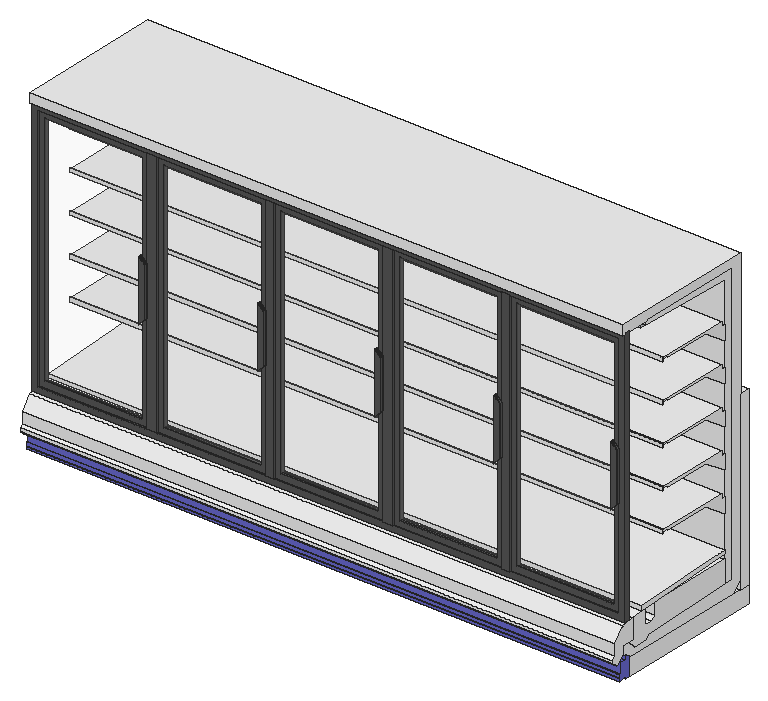
Revit family
Parameters (values of type "RL-5 Door Innov., Innov. II & III")
  Width = 150 3/8"
  Voltage - Electric Defrost [instance] = 208 V
  Voltage [instance] = 120 V
  URL = "www.hussmann.com"
  Type Comments = "LT Reach-In Merchandiser"
  Temp Sensor [instance] = "Low Voltage"
  Telephone = no
  System Control [instance] = "1.00 A"
  Standard Right End Cap On/Off [instance] = no
  Standard Left End Cap On/Off [instance] = no
  Revit Family Dates = "4/12/12PMA(0212)"
  Refrigerant Suction Connection Diameter [instance] = 7/8"
  Refrigerant Liquid Connection Diameter [instance] = 3/8"
  Refrig. Suction [instance] = "Suction"
  Refrig. Liquid [instance] = "Liquid"
  R.I. RH Doors YES/NO [instance] = no
  R.I. LH Doors YES/NO [instance] = yes
  R.I. - RH Door Swing YES/NO [instance] = no
  R.I. - LH Door Swing YES/NO [instance] = yes
  Phase [instance] = 1
  Number of Shelves = 0
  Model = "RL-5"
  Mirrored Right End Cap On/Off [instance] = no
  Mirrored Left End Cap On/Off [instance] = no
  Manufacturer = "Hussmann Corporation"
  MCA (Min Circ Amp) [instance] = 8.6 A
  Linear Shelf Length = 0"
  Height = 82 3/8"
  Front Height = 13"
  Frequency [instance] = 60 Hz
  Finish_Trim [instance] = Stainless Steel 2
  Finish_Top [instance] = none
  Finish_Shelf [instance] = Stainless Steel
  Finish_Handle = Metal Black-Door
  Finish_Glass [instance] = Glass 2
  Finish_Frame = Metal Black-Door
  Finish_Door [instance] = Metal Black-Door
  Finish_Case [instance] = Stainless Steel
  Finish_Bumper [instance] = Metal Blue-trim
  Finish_Base [instance] = Stainless Steel
  Elect. Defrost Amps [instance] = "16.62 A"
  Elect. Def. Amps [instance] = 16.62 A
  EMS = no
  Drain Pipe Size = "1 1/4\""
  Drain Heaters [instance] = 2.57 A
  Description = "Low Temperature Reach-in(Food or Ice Cream)"
  Depth = 43 3/4"
  Data = "N/A"
  Copper-Suction [instance] = Copper
  Copper-Liquid [instance] = Copper
  Case Lights Amps [instance] = "0.90 A"
  Case Lights [instance] = 0.9 A
  Case Fans (MCA) [instance] = "8.60 A"
  Assembly Code = ""
  Accessories/Options = ""
Reference planes (in)
  plane 1 "Center (Front/Back)": y = 0
  plane 2: z = 0
  plane 3: y = -41.625
  plane 4: z = 13
  plane 5: z = 80
  plane 6: z = 82.375
  plane 7: y = -32
  plane 8: y = -43.75
  plane 9: y = -40.75
  plane 10: x = -77.30699
  plane 11: x = 76.06801
  plane 12: y = -40
  plane 13: y = -43.75
  plane 14: x = -0.61949
  plane 15: x = 71.06801
  plane 16: y = -32
  plane 17: y = -37
  plane 18: y = -34.625
  plane 19: x = -34.61949
  plane 20: y = -33.625
  plane 21: x = 33.38051
Forms (in)
  Extrusion 1, solid, material "Stainless Steel" <- "Finish_Case"
    sketch origin (-77.30699, 0, 0) x (0, 1, 0) y (0, 0, 1)
      loop
        line (-5, 4.26162) -> (-2.5, 6.76162) -> (-2.5, 82.375) -> (-40.75, 82.375) -> (-40.75, 80) -> (-5.5, 80) -> (-5.5, 7.93702) -> (-32.09633, 7.00826) -> (-33.05546, 6.04913) -> (-36.55546, 6.04913) -> (-38.5, 7.99367) -> (-40.75, 7.99367) -> (-40.75, 5.99367) -> (-37.75, 4.26162) -> (-5, 4.26162)
    from 0 to 153.375
  Extrusion 2, solid, material "Stainless Steel" <- "Finish_Case"
    sketch origin (-77.30699, 0, 0) x (0, 1, 0) y (0, 0, 1)
      loop
        line (-37.25, 13) -> (-40.75, 12.69379) -> (-43.04431, 9.41718) -> (-43.04431, 6.66718) -> (-43.75, 5.96149) -> (-43.75, 5.08872) -> (-42.58027, 4.2259) -> (-40.75, 5.99367) -> (-40.75, 7.99367) -> (-37.25, 7.99367) -> (-37.25, 13)
    from 0 to 153.375
  Extrusion 3, solid, material "Stainless Steel" <- "Finish_Case"
    sketch origin (-77.30699, 0, 0) x (0, 1, 0) y (0, 0, 1)
      loop
        line (-2.5, 4.26162) -> (0, 4.26162) -> (0, 49.76162) -> (-2.5, 49.76162) -> (-2.5, 4.26162)
    from 0 to 153.375
  Extrusion 4, solid, material "Stainless Steel" <- "Finish_Case"
    sketch origin (-77.30699, 0, 0) x (0, 1, 0) y (0, 0, 1)
      loop
        line (-5.5, 80) -> (-33, 80) -> (-33, 78.93638) -> (-7.75, 78.49564) -> (-7.75, 7.85845) -> (-5.5, 7.93702) -> (-5.5, 80)
    from 0 to 153.375
  Extrusion 5, solid, material "Stainless Steel" <- "Finish_Base"
    sketch origin (-77.30699, 0, 0) x (0, 1, 0) y (0, 0, 1)
      loop
        line (-36.55546, 6.04913) -> (-33.05546, 6.04913) -> (-32.09633, 7.00826) -> (-7.75, 7.85845) -> (-7.75, 13.65118) -> (-30.30697, 13.65118) -> (-30.30697, 10.65118)
        arc (-30.30697, 10.65118) -> (-30.59986, 9.94407) -> (-31.30697, 9.65118) r 1
        line (-31.30697, 9.65118) -> (-32.55697, 9.65118)
        arc (-32.55697, 9.65118) -> (-33.26408, 9.94407) -> (-33.55697, 10.65118) r 1
        line (-33.55697, 10.65118) -> (-33.55697, 13.52897) -> (-37.25, 13) -> (-37.25, 7.99367) -> (-38.5, 7.99367) -> (-36.55546, 6.04913)
    from 0 to 153.375
  Extrusion 6, solid, material "Stainless Steel" <- "Finish_Shelf"
    sketch origin (-77.30699, 0, 0) x (0, 1, 0) y (0, 0, 1)
      loop
        line (-7.75, 64.26162) -> (-7.75, 68.01162) -> (-8.5, 68.01162) -> (-8.5, 69.01162) -> (-27.5, 69.01162) -> (-27.5, 69.26162) -> (-27.75, 69.26162) -> (-27.75, 68.26162) -> (-27.5, 68.26162) -> (-27.5, 68.76162) -> (-26, 68.76162) -> (-26, 68.51162) -> (-13.81963, 68.51162) -> (-7.75, 64.26162)
      loop
        line (-7.75, 54.26162) -> (-7.75, 58.01162) -> (-8.5, 58.01162) -> (-8.5, 59.01162) -> (-27.5, 59.01162) -> (-27.5, 59.26162) -> (-27.75, 59.26162) -> (-27.75, 58.26162) -> (-27.5, 58.26162) -> (-27.5, 58.76162) -> (-26, 58.76162) -> (-26, 58.51162) -> (-13.81963, 58.51162) -> (-7.75, 54.26162)
      loop
        line (-7.75, 44.26162) -> (-7.75, 48.01162) -> (-8.5, 48.01162) -> (-8.5, 49.01162) -> (-27.5, 49.01162) -> (-27.5, 49.26162) -> (-27.75, 49.26162) -> (-27.75, 48.26162) -> (-27.5, 48.26162) -> (-27.5, 48.76162) -> (-26, 48.76162) -> (-26, 48.51162) -> (-13.81963, 48.51162) -> (-7.75, 44.26162)
      loop
        line (-7.75, 34.26162) -> (-7.75, 38.01162) -> (-8.5, 38.01162) -> (-8.5, 39.01162) -> (-27.5, 39.01162) -> (-27.5, 39.26162) -> (-27.75, 39.26162) -> (-27.75, 38.26162) -> (-27.5, 38.26162) -> (-27.5, 38.76162) -> (-26, 38.76162) -> (-26, 38.51162) -> (-13.81963, 38.51162) -> (-7.75, 34.26162)
      loop
        line (-7.75, 24.26162) -> (-7.75, 28.01162) -> (-8.5, 28.01162) -> (-8.5, 29.01162) -> (-27.5, 29.01162) -> (-27.5, 29.26162) -> (-27.75, 29.26162) -> (-27.75, 28.26162) -> (-27.5, 28.26162) -> (-27.5, 28.76162) -> (-26, 28.76162) -> (-26, 28.51162) -> (-13.81963, 28.51162) -> (-7.75, 24.26162)
      loop
        line (-34.54319, 13.47728) -> (-7.75, 14.88146) -> (-7.75, 15.88283) -> (-34.54319, 14.47866) -> (-34.54319, 13.47728)
    from 0 to 153.375
  Extrusion 7, solid, material "Stainless Steel"
    sketch origin (-75.80699, 0, 0) x (0, 1, 0) y (0, 0, 1)
      loop
        line (0, 4.26162) -> (-38.66016, 4.26162) -> (-38.66016, 0) -> (0, 0) -> (0, 4.26162)
    from 0 to -1.5
  Extrusion 8, solid, material "Stainless Steel"
    sketch origin (74.56801, 0, 0) x (0, 1, 0) y (0, 0, 1)
      loop
        line (0, 4.26162) -> (-38.66016, 4.26162) -> (-38.66016, 0) -> (0, 0) -> (0, 4.26162)
    from 0 to 1.5
  Extrusion 9, solid, material "Metal Blue-trim"
    sketch origin (-80.30699, 0, 0) x (0, 1, 0) y (0, 0, 1)
      loop
        line (-38.66016, 4.7871) -> (-39.66016, 5.36445) -> (-39.66016, 4.26162) -> (-41.375, 4.55297) -> (-41.375, 1.75) -> (-41.625, 1.75) -> (-41.625, 1) -> (-41.375, 1) -> (-41.375, 0.75) -> (-41.625, 0.75) -> (-41.625, 0.19004) -> (-39.66016, 0.52548) -> (-39.66016, 0) -> (-38.66016, 0) -> (-38.66016, 4.7871)
    from 3 to 156.375
  Extrusion 10, solid, material "Stainless Steel"
    sketch origin (-80.30699, 0, 0) x (0, 1, 0) y (0, 0, 1)
      loop
        line (-32, 1.76162) -> (0, 1.76162) -> (0, 4.26162) -> (-32, 4.26162) -> (-32, 1.76162)
    from 4.5 to 154.875
  Extrusion 11, solid, material "Stainless Steel"
    sketch origin (-75.80699, 0, 0) x (0, 1, 0) y (0, 0, 1)
      loop
        line (-0.5532, 1.76162) -> (-2.8032, 1.76162) -> (-2.8032, 0) -> (-0.5532, 0) -> (-0.5532, 1.76162)
      loop
        line (-31.4468, 1.76162) -> (-31.4468, 0) -> (-29.1968, 0) -> (-29.1968, 1.76162) -> (-31.4468, 1.76162)
    from 0 to 150.375
  Extrusion 12, solid
    sketch origin (-75.80699, 0, 0) x (0, 1, 0) y (0, 0, 1)
      loop
        line (-33, 78.93638) -> (-33, 77.93638) -> (-30, 77.93638) -> (-30, 78.88401) -> (-33, 78.93638)
    from 0 to 150.375
  Extrusion 13, solid, material "Glass 2"
    sketch origin (0, 5, 0) x (1, 0, 0) y (0, 1, 0)
      loop
        circle (71.06801, -42) r 0.375
      loop
        circle (71.06801, -42) r 0.36687
      loop
        circle (70.06801, -42) r 0.375
      loop
        circle (70.06801, -42) r 0.36687
      loop
        circle (69.06801, -42) r 0.375
      loop
        circle (69.06801, -42) r 0.36687
      loop
        circle (68.06801, -42) r 0.375
      loop
        circle (68.06801, -42) r 0.36687
      loop
        circle (67.06801, -42) r 0.375
      loop
        circle (67.06801, -42) r 0.36687
    from 4.26162 to 3.51473
  Extrusion 14, solid, material "Glass 2"
    sketch origin (0, 0, 0) x (1, 0, 0) y (0, 1, 0)
      loop
        circle (-0.61949, -34.54319) r 0.625
      loop
        circle (-0.61949, -34.54319) r 0.5852
    from 6.42413 to 3.51473
  Extrusion 15, solid, material "Copper" <- "Copper-Suction"
    sketch origin (62.43999, 0, -0.375) x (1, 0, 0) y (0, 1, 0)
      loop
        circle (8.62802, -33) r 0.4375
      loop
        circle (8.62802, -33) r 0.41359
    from 4.26162 to 3.64579
  Extrusion 16, solid, material "Copper" <- "Copper-Liquid"
    sketch origin (62.43999, 0, -0.375) x (1, 0, 0) y (0, 1, 0)
      loop
        circle (7.05443, -33) r 0.1875
      loop
        circle (7.05443, -33) r 0.17284
    from 4.26162 to 3.64579
Lines and regions (in)
  symbolic lines
    curve 1: line (-77.30699, -43.75, 0) -> (-77.30699, 0, 0)
    curve 2: line (76.06801, 0, 0) -> (-77.30699, 0, 0)
    curve 3: line (76.06801, 0, 0) -> (76.06801, -43.75, 0)
    curve 4: line (-77.30699, -43.75, 0) -> (76.06801, -43.75, 0)
Dimensions and locks (in)
  plane 1 "Center (Front/Back)" to plane 3 = 41 5/8"
  "Depth": plane 1 "Center (Front/Back)" to plane 8
  plane 3 to plane 1 "Center (Front/Back)" = 41 5/8"
  plane 6 to level = 82 3/8"
  "Height": level to plane 6
  locked: plane 10 to plane 11 at 153.375
  locked: Extrusion 3 to plane 13 at 43.75
  plane 11 to plane 10 = 153 3/8"
Automatic sketch dimensions
  Extrusion 1 sketch curve to plane 9 = 0"  (x2)
  Extrusion 1 sketch curve to plane 5 = 0"
  Extrusion 1 sketch curve to plane 6 = 0"
  Extrusion 1 sketch curve to Extrusion 1 sketch curve = 1.19454"
  plane 7 to Extrusion 1 sketch curve = 1.05546"
  plane 7 to Extrusion 1 sketch curve = 0.09633"
  plane 1 "Center (Front/Back)" to Extrusion 1 sketch curve = 5 1/2"
  Extrusion 1 sketch curve to Extrusion 1 sketch curve = 1/2"
  plane 1 "Center (Front/Back)" to Extrusion 1 sketch curve = 2 1/2"
  plane 4 to Extrusion 1 sketch curve = 5.00633"
  plane 4 to Extrusion 1 sketch curve = 5.06298"
  plane 4 to Extrusion 1 sketch curve = 5.99174"
  Extrusion 1 sketch curve to Extrusion 1 sketch curve = 1.1754"
  Extrusion 1 sketch curve to Extrusion 1 sketch curve = 1.94454"
  Extrusion 1 sketch curve to Extrusion 1 sketch curve = 2"
  Extrusion 1 sketch curve to Extrusion 1 sketch curve = 2 1/2"
  Extrusion 2 sketch curve to plane 8 = 0"
  Extrusion 2 sketch curve to plane 9 = 0"  (x2)
  Extrusion 2 sketch curve to plane 4 = 0"
  Extrusion 2 sketch curve to plane 8 = 0.70569"
  plane 3 to Extrusion 2 sketch curve = 0.95527"
  plane 4 to Extrusion 2 sketch curve = 0.30621"
  plane 4 to Extrusion 2 sketch curve = 3.58282"
  Extrusion 2 sketch curve to Extrusion 2 sketch curve = 1.42351"
  Extrusion 2 sketch curve to Extrusion 2 sketch curve = 1.32649"
  Extrusion 2 sketch curve to Extrusion 2 sketch curve = 2"
  Extrusion 2 sketch curve to Extrusion 2 sketch curve = 0.70569"
  Extrusion 2 sketch curve to Extrusion 2 sketch curve = 0.87277"
  Extrusion 2 sketch curve to Extrusion 2 sketch curve = 0.86282"
  Extrusion 3 sketch curve to plane 1 "Center (Front/Back)" = 0"
  plane 1 "Center (Front/Back)" to Extrusion 3 sketch curve = 2 1/2"
  level to Extrusion 3 sketch curve = 4.26162"
  plane 5 to Extrusion 3 sketch curve = 30.23838"
  Extrusion 4 sketch curve to plane 5 = 0"
  plane 7 to Extrusion 4 sketch curve = 1"
  plane 1 "Center (Front/Back)" to Extrusion 4 sketch curve = 7 3/4"
  Extrusion 4 sketch curve to Extrusion 4 sketch curve = 2 1/4"
  Extrusion 4 sketch curve to Extrusion 4 sketch curve = 1.06362"
  plane 5 to Extrusion 4 sketch curve = 1.50436"
  plane 4 to Extrusion 4 sketch curve = 5.06298"
  Extrusion 4 sketch curve to Extrusion 4 sketch curve = 0.07857"
  Extrusion 5 sketch curve to plane 4 = 0"
  Extrusion 5 sketch curve to Extrusion 5 sketch curve = 0.69454"
  plane 7 to Extrusion 5 sketch curve = 1.55697"
  plane 7 to Extrusion 5 sketch curve = 1.05546"
  plane 7 to Extrusion 5 sketch curve = 0.55697"
  plane 7 to Extrusion 5 sketch curve = 0.09633"
  Extrusion 5 sketch curve to plane 7 = 0.69303"
  Extrusion 5 sketch curve to Extrusion 5 sketch curve = 1"
  Extrusion 5 sketch curve to plane 4 = 0.65118"
  plane 1 "Center (Front/Back)" to Extrusion 5 sketch curve = 7 3/4"
  plane 4 to Extrusion 5 sketch curve = 2.34882"
  plane 4 to Extrusion 5 sketch curve = 5.00633"
  plane 4 to Extrusion 5 sketch curve = 5.14155"
  Extrusion 5 sketch curve to Extrusion 5 sketch curve = 2.64293"
  Extrusion 5 sketch curve to Extrusion 5 sketch curve = 1.94454"
  Extrusion 5 sketch curve to plane 4 = 0.52897"
  Extrusion 6 sketch curve to plane 4 = 0.47728"
  plane 7 to Extrusion 6 sketch curve = 2.54319"
  Extrusion 6 sketch curve to plane 7 = 4 1/4"  (x5)
  Extrusion 6 sketch curve to Extrusion 6 sketch curve = 1/4"  (x17)
  Extrusion 6 sketch curve to Extrusion 6 sketch curve = 0"  (x6)
  Extrusion 6 sketch curve to Extrusion 6 sketch curve = 1 1/2"  (x5)
  Extrusion 6 sketch curve to Extrusion 6 sketch curve = 12.18037"
  Extrusion 6 sketch curve to Extrusion 6 sketch curve = 5.31963"  (x5)
  Extrusion 6 sketch curve to Extrusion 6 sketch curve = 3/4"  (x5)
  Extrusion 6 sketch curve to plane 4 = 1.88146"
  plane 1 "Center (Front/Back)" to Extrusion 6 sketch curve = 7 3/4"
  Extrusion 6 sketch curve to Extrusion 6 sketch curve = 1.00137"  (x2)
  Extrusion 6 sketch curve to Extrusion 6 sketch curve = 8.37879"
  Extrusion 6 sketch curve to Extrusion 6 sketch curve = 3 3/4"  (x5)
  Extrusion 6 sketch curve to plane 4 = 15.26162"
  Extrusion 6 sketch curve to Extrusion 6 sketch curve = 1/2"  (x8)
  Extrusion 6 sketch curve to Extrusion 6 sketch curve = 5 1/4"  (x4)
  Extrusion 6 sketch curve to Extrusion 6 sketch curve = 9"  (x4)
  Extrusion 6 sketch curve to Extrusion 6 sketch curve = 1"  (x3)
  curve 1 to plane 10 = 0"
  curve 3 to plane 11 = 0"
  curve 2 to plane 1 "Center (Front/Back)" = 0"
  Extrusion 9 sketch curve to plane 3 = 0"  (x2)
  Extrusion 9 sketch curve to level = 0"
  Extrusion 9 sketch curve to plane 3 = 1/4"  (x2)
  plane 12 to Extrusion 9 sketch curve = 87/256"  (x2)
  level to Extrusion 9 sketch curve = 0.19004"
  Extrusion 9 sketch curve to Extrusion 9 sketch curve = 0.52548"  (x2)
  Extrusion 9 sketch curve to Extrusion 9 sketch curve = 0.55996"
  Extrusion 9 sketch curve to Extrusion 9 sketch curve = 1/4"
  Extrusion 9 sketch curve to Extrusion 9 sketch curve = 3/4"
  Extrusion 9 sketch curve to Extrusion 9 sketch curve = 2.51162"
  Extrusion 9 sketch curve to Extrusion 9 sketch curve = 0.29135"
  Extrusion 9 sketch curve to Extrusion 9 sketch curve = 1.10283"
  Extrusion 10 sketch curve to plane 7 = 0"
  Extrusion 10 sketch curve to plane 1 "Center (Front/Back)" = 0"
  level to Extrusion 10 sketch curve = 1.76162"
  Extrusion 10 sketch curve to Extrusion 10 sketch curve = 2 1/2"
  Extrusion 11 sketch curve to level = 0"  (x2)
  Extrusion 11 sketch curve to plane 7 = 0.5532"
  Extrusion 11 sketch curve to Extrusion 11 sketch curve = 2 1/4"
  plane 1 "Center (Front/Back)" to Extrusion 11 sketch curve = 2.8032"
  plane 1 "Center (Front/Back)" to Extrusion 11 sketch curve = 0.5532"
  Extrusion 11 sketch curve to Extrusion 11 sketch curve = 1.76162"  (x2)
  curve 4 to plane 8 = 0"
  Extrusion 7 sketch curve to level = 0"
  Extrusion 7 sketch curve to plane 1 "Center (Front/Back)" = 0"
  Extrusion 7 sketch curve to Extrusion 7 sketch curve = 4.26162"
  Extrusion 8 sketch curve to level = 0"
  Extrusion 8 sketch curve to plane 1 "Center (Front/Back)" = 0"
  level to Extrusion 8 sketch curve = 4.26162"
  plane 7 to Extrusion 12 sketch curve = 1"
  Extrusion 12 sketch curve to plane 7 = 2"
  plane 5 to Extrusion 12 sketch curve = 2.06362"
  Extrusion 12 sketch curve to Extrusion 12 sketch curve = 0.94763"
  Extrusion 12 sketch curve to Extrusion 12 sketch curve = 1"
  Extrusion 13 sketch curve to Extrusion 13 sketch curve = 0"  (x10)
  Extrusion 13 sketch curve to plane 17 = 0"  (x5)
  Extrusion 13 sketch curve to plane 15 = 0"
  Extrusion 13 sketch curve to Extrusion 13 sketch curve = 1"  (x4)
  Extrusion 14 sketch curve to Extrusion 14 sketch curve = 0"  (x2)
  Extrusion 14 sketch curve to plane 14 = 0"
  plane 18 to Extrusion 14 sketch curve = 0.08181"
  Extrusion 15 sketch curve to Extrusion 15 sketch curve = 0"  (x2)
  plane 7 to Extrusion 15 sketch curve = 1"
  plane 14 to Extrusion 15 sketch curve = 71 11/16"
  Extrusion 16 sketch curve to Extrusion 16 sketch curve = 0"  (x2)
  plane 7 to Extrusion 16 sketch curve = 1"
  plane 14 to Extrusion 16 sketch curve = 70.11391"
  plane 12 to Extrusion 1 sketch curve = 1 1/2"
  Extrusion 1 sketch curve to plane 17 = 3/4"
  Extrusion 2 sketch curve to plane 17 = 1/4"
  plane 17 to Extrusion 5 sketch curve = 0.44454"
  Extrusion 5 sketch curve to Extrusion 5 sketch curve = 1 1/4"
  plane 12 to Extrusion 7 sketch curve = 1 87/256"
  plane 12 to Extrusion 8 sketch curve = 1 87/256"
  Extrusion 9 sketch curve to Extrusion 9 sketch curve = 1"
  radius of Extrusion 13 sketch curve = 3/8"  (x5)
  radius of Extrusion 13 sketch curve = 0.36687"  (x5)
  radius of Extrusion 14 sketch curve = 5/8"
  radius of Extrusion 14 sketch curve = 0.5852"
  radius of Extrusion 15 sketch curve = 7/16"
  radius of Extrusion 15 sketch curve = 0.41359"
  radius of Extrusion 16 sketch curve = 3/16"
  radius of Extrusion 16 sketch curve = 0.17284"
Nested families (in)
  nested 1: "Label Annotation 3-32" at (-0.61949, -8.1875, -0.375), type "Label Annotation 3-32"
  nested 2: "RL-INNOVATORII_END PANEL" at (-75.1875, 0, 0), visible <- "Standard Left End Cap On/Off", type "RL-End Panel Mirrored"
    with Serial Number "N/A", Remarks "N/A", Received By "N/A", Furnished By "N/A", Finish_Trim Stainless Steel 2, Finish_Top none, Finish_Shelf Stainless Steel, Finish_Glass Glass 2, Finish_Door Metal Black-Door, Finish_Case Stainless Steel, Finish_Bumper Metal Blue-trim, Finish_Base Stainless Steel, Final Hookup By "N/A", Assembled By "N/A"
  nested 3: "RL-INNOVATORII_END PANEL" at (79.6875, 0, 0), visible <- "Standard Right End Cap On/Off", type "RL-End Panel Mirrored"
    with Serial Number "N/A", Remarks "N/A", Received By "N/A", Furnished By "N/A", Finish_Trim Stainless Steel 2, Finish_Top none, Finish_Shelf Stainless Steel, Finish_Glass Glass 2, Finish_Door Metal Black-Door, Finish_Case Stainless Steel, Finish_Bumper Metal Blue-trim, Finish_Base Stainless Steel, Final Hookup By "N/A", Assembled By "N/A"
  nested 4: "RL-INNOVATORII_END CAP MIRRORED" at (-75.1875, 0, 0), visible <- "Mirrored Left End Cap On/Off", type "RL-End Panel Mirrored"
    with Serial Number "N/A", Remarks "N/A", Received By "N/A", Furnished By "N/A", Finish_Trim Stainless Steel 2, Finish_Top none, Finish_Shelf Stainless Steel, Finish_Glass Glass 2, Finish_Door Metal Black-Door, Finish_Case Stainless Steel, Finish_Bumper Metal Blue-trim, Finish_Base Stainless Steel, Final Hookup By "N/A", Assembled By "N/A"
  nested 5: "RL-INNOVATORII_END CAP MIRRORED" at (79.6875, 0, 0), visible <- "Mirrored Right End Cap On/Off", type "RL-End Panel Mirrored"
    with Serial Number "N/A", Remarks "N/A", Received By "N/A", Furnished By "N/A", Finish_Trim Stainless Steel 2, Finish_Top none, Finish_Shelf Stainless Steel, Finish_Glass Glass 2, Finish_Door Metal Black-Door, Finish_Case Stainless Steel, Finish_Bumper Metal Blue-trim, Finish_Base Stainless Steel, Final Hookup By "N/A", Assembled By "N/A"
  nested 6: "Case Nodes" at (-34.61949, -41.625, 0), type "Case Nodes"
  nested 7: "Case Nodes" at (71.06801, -33, 0), type "Case Nodes"
  nested 8: "Case Nodes" at (71.0667, -36.99947, 0), type "Case Nodes"
  nested 9: "Case Nodes" at (-34.61949, -33.625, 0), type "Case Nodes"
  nested 10: "Case Nodes" at (33.38051, -41.625, 0) x (-1, 0, 0) z (0, 0, 1), type "Case Nodes"
  nested 11: "Case Nodes" at (33.38051, -33.625, 0) x (-1, 0, 0) z (0, 0, 1), type "Case Nodes"
  nested 12: "RL_5DR-LH" at (0, 0, 0), visible <- "R.I. LH Doors YES/NO", type "RL_5DR-LH"
    with Finish_Glass Glass 2, Finish_Door Metal Black-Door
  nested 13: "RL_5DR-RH" at (0, 0, 0), visible <- "R.I. RH Doors YES/NO", type "RL_5DR-RH"
    with Finish_Glass Glass 2, Finish_Door Metal Black-Door
  nested 14: "RL_5DR-LHDS" at (0.75, -3.75, 0), visible <- "R.I. - LH Door Swing YES/NO", type "RL_5DR-LHDS"
  nested 15: "RL_5DR-RHDS" at (-0.75, -3.75, 0), visible <- "R.I. - RH Door Swing YES/NO", type "RL_5DR-RHDS"
Connectors (in)
  electrical at (71.06801, -37, 3.51473), driven by "Phase", driven by "Voltage - Electric Defrost", driven by "Elect. Defrost Amps"
    settings: on Extrusion 13, index 3, voltage 208 V, apparent load 0 VA, apparent load phase1 0 VA, apparent load phase2 0 VA, apparent load phase3 0 VA, power factor 1, load classification "Power", number of poles 1, system type 30, power factor state 1, is connector primary yes, connector utility no, sub classification motor no, connector description "16.62 A"
  electrical at (70.06801, -37, 3.51473), driven by "Phase", driven by "Voltage", driven by "Case Fans (MCA)"
    settings: on Extrusion 13, index 4, voltage 120 V, apparent load 0 VA, apparent load phase1 0 VA, apparent load phase2 0 VA, apparent load phase3 0 VA, power factor 1, load classification "Power", number of poles 1, system type 30, power factor state 1, is connector primary no, connector utility no, sub classification motor no, connector description "8.60 A"
  electrical at (69.06801, -37, 3.51473), driven by "Phase", driven by "Voltage", driven by "Case Lights Amps"
    settings: on Extrusion 13, index 5, voltage 120 V, apparent load 0 VA, apparent load phase1 0 VA, apparent load phase2 0 VA, apparent load phase3 0 VA, power factor 1, load classification "Lighting", number of poles 1, system type 30, power factor state 1, is connector primary no, connector utility no, sub classification motor no, connector description "0.90 A"
  electrical at (68.06801, -37, 3.51473), driven by "System Control"
    settings: on Extrusion 13, index 6, voltage 0 V, apparent load 0 VA, apparent load phase1 0 VA, apparent load phase2 0 VA, apparent load phase3 0 VA, power factor 1, load classification "Other", number of poles 1, system type 13, power factor state 1, is connector primary no, connector utility no, sub classification motor no, connector description "1.00 A"
  electrical at (67.06801, -37, 3.51473), driven by "Temp Sensor"
    settings: on Extrusion 13, index 7, voltage 0 V, apparent load 0 VA, apparent load phase1 0 VA, apparent load phase2 0 VA, apparent load phase3 0 VA, power factor 1, load classification "Other", number of poles 1, system type 14, power factor state 1, is connector primary no, connector utility no, sub classification motor no, connector description "Low Voltage"
  piping at (-0.61949, -34.54319, 3.51473), driven by "Drain Pipe Size"
    settings: on Extrusion 14, index 8, connector radius 5/8", flow factor 0, pipe flow 0 GPM, pressure drop 0.00 psi, fitting loss kfactor 0, connector angle 0.00°, fixture units 0, flow configuration 0, flow direction 0, fitting loss method 0, system type 16, connector reference index -1, connector utility 0, adjustable connector no, is connector primary yes, fitting loss table "", connector description "1 1/4\""
  piping at (71.06801, -33, 3.27079), driven by "Refrig. Suction"
    settings: on Extrusion 15, index 9, connector radius 7/16", flow factor 0, pipe flow 0 GPM, pressure drop 0.00 psi, fitting loss kfactor 0, connector angle 0.00°, fixture units 0, flow configuration 0, flow direction 2, fitting loss method 0, system type 22, connector reference index -1, connector utility 0, adjustable connector no, is connector primary no, fitting loss table "", connector description "Suction"
  piping at (69.49442, -33, 3.27079), driven by "Refrig. Liquid"
    settings: on Extrusion 16, index 10, connector radius 3/16", flow factor 0, pipe flow 0 GPM, pressure drop 0.00 psi, fitting loss kfactor 0, connector angle 0.00°, fixture units 0, flow configuration 0, flow direction 1, fitting loss method 0, system type 22, connector reference index -1, connector utility 0, adjustable connector no, is connector primary no, fitting loss table "", connector description "Liquid"
Definition of nested family "RL-INNOVATORII_END PANEL"
  Parameters (values of type "RL-End Panel Mirrored")
    Width = 1 1/2"
    Watts = ""
    Volts = ""
    URL = "www.hussmann.com"
    Type Comments = "N/A"
    Telephone = no
    Serial Number [instance] = "N/A"
    Remarks [instance] = "N/A"
    Refrigerant Type = "N/A"
    Received By [instance] = "N/A"
    Prototype = no
    Power = "N/A"
    PO Template = no
    Number of Shelves = 0
    Model = "RL- Mirrored End Panel"
    Manufacturer = "Hussmann"
    Linear Shelf Length = 0"
    Item = "N/A"
    Install Date - Actual = "N/A"
    Install Data - Projected = "N/A"
    Hot Water = no
    Height = 82"
    HP = ""
    Gas Type = "N/A"
    Gas Pipe Size = "N/A"
    Furnished By [instance] = "N/A"
    Front Height = 0"
    Finish_Trim [instance] = Stainless Steel 2
    Finish_Top [instance] = none
    Finish_Shelf [instance] = Stainless Steel
    Finish_Handle = Metal Black-Door
    Finish_Glass [instance] = Glass 2
    Finish_Frame = Metal Black-Door
    Finish_Door [instance] = Metal Black-Door
    Finish_Case [instance] = Stainless Steel
    Finish_Bumper [instance] = Metal Blue-trim
    Finish_Base [instance] = Stainless Steel
    Final Hookup By [instance] = "N/A"
    Evap Temp = ""
    EMS = no
    Drain Pipe Size = "N/A"
    Divisional Use = "N/A"
    Description 2 = "Impact Merchandiser"
    Description = "Low Temperature Reach-in(Food or Ice Cream)"
    Depth = 43 3/4"
    Data = "N/A"
    Cold Water = no
    Class Code = "N/A"
    Category = "N/A"
    BTU Rating = "N/A"
    Assembly Code = "E1090320"
    Assembled By [instance] = "N/A"
    Amps = ""
    Accessories/Options = "N/A"
  Reference planes (in)
    plane 1 "Center (Front/Back)": y = 0
    plane 2: z = 0
    plane 3: y = -43.75
  Forms (in)
    Extrusion 1, solid, material "Stainless Steel" <- "Finish_Case"
      sketch origin (-3.61949, 0, 0) x (0, 1, 0) y (0, 0, 1)
        loop
          line (0, 82) -> (-40.75, 82) -> (-40.75, 12.69379) -> (-43.04431, 9.41718) -> (-43.04431, 6.66718) -> (-43.75, 5.96149) -> (-43.75, 4.2259) -> (-41.5625, 4.2259) -> (-41.5625, 0) -> (0, 0) -> (0, 82)
      from 0 to 1.5
  Lines and regions (in)
    symbolic lines
      curve 1: line (-3.61949, 0, 0) -> (-2.11949, 0, 0)
      curve 2: line (-3.61949, -43.75, 0) -> (-3.61949, 0, 0)
      curve 3: line (-2.11949, -43.75, 0) -> (-3.61949, -43.75, 0)
      curve 4: line (-2.11949, 0, 0) -> (-2.11949, -43.75, 0)
  Dimensions and locks (in)
    plane 3 to plane 1 "Center (Front/Back)" = 43 3/4"
    Extrusion 1 to Extrusion 1 = 1 1/2"
    locked: Extrusion 1 to Extrusion 1 at 1.5  (x2)
    locked: Extrusion 1 to level at 82
    locked: plane 1 "Center (Front/Back)" to plane 3 at 43.75
    aligned: curve 1 to Extrusion 1  (x2)
    aligned: curve 4 to Extrusion 1  (x2)
Definition of nested family "RL-INNOVATORII_END CAP MIRRORED"
  Parameters (values of type "RL-End Panel Mirrored")
    Width = 1 1/2"
    Watts = ""
    Volts = ""
    URL = "www.hussmann.com"
    Type Comments = "N/A"
    Telephone = no
    Serial Number [instance] = "N/A"
    Remarks [instance] = "N/A"
    Refrigerant Type = "N/A"
    Received By [instance] = "N/A"
    Prototype = no
    Power = "N/A"
    PO Template = no
    Number of Shelves = 0
    Model = "RL- Mirrored End Panel"
    Manufacturer = "Hussmann"
    Linear Shelf Length = 0"
    Item = "N/A"
    Install Date - Actual = "N/A"
    Install Data - Projected = "N/A"
    Hot Water = no
    Height = 82"
    HP = ""
    Gas Type = "N/A"
    Gas Pipe Size = "N/A"
    Furnished By [instance] = "N/A"
    Front Height = 0"
    Finish_Trim [instance] = Stainless Steel 2
    Finish_Top [instance] = none
    Finish_Shelf [instance] = Stainless Steel
    Finish_Handle = Metal Black-Door
    Finish_Glass [instance] = Glass 2
    Finish_Frame = Metal Black-Door
    Finish_Door [instance] = Metal Black-Door
    Finish_Case [instance] = Stainless Steel
    Finish_Bumper [instance] = Metal Blue-trim
    Finish_Base [instance] = Stainless Steel
    Final Hookup By [instance] = "N/A"
    Evap Temp = ""
    EMS = no
    Drain Pipe Size = "N/A"
    Divisional Use = "N/A"
    Description 2 = "Impact Merchandiser"
    Description = "Low Temperature Reach-in(Food or Ice Cream)"
    Depth = 43 3/4"
    Data = "N/A"
    Cold Water = no
    Class Code = "N/A"
    Category = "N/A"
    BTU Rating = "N/A"
    Assembly Code = "E1090320"
    Assembled By [instance] = "N/A"
    Amps = ""
    Accessories/Options = "N/A"
  Reference planes (in)
    plane 1 "Center (Front/Back)": y = 0
    plane 2: z = 0
    plane 3: y = -43.75
  Forms (in)
    Extrusion 1, solid, material "Stainless Steel" <- "Finish_Case"
      sketch origin (-3.61949, 0, 0) x (0, 1, 0) y (0, 0, 1)
        loop
          line (0, 82) -> (-40.75, 82) -> (-40.75, 12.69379) -> (-43.04431, 9.41718) -> (-43.04431, 6.66718) -> (-43.75, 5.96149) -> (-43.75, 4.2259) -> (-41.5625, 4.2259) -> (-41.5625, 0) -> (0, 0) -> (0, 82)
      from 0 to 1.5
  Lines and regions (in)
    symbolic lines
      curve 1: line (-3.61949, 0, 0) -> (-2.11949, 0, 0)
      curve 2: line (-3.61949, -43.75, 0) -> (-3.61949, 0, 0)
      curve 3: line (-2.11949, -43.75, 0) -> (-3.61949, -43.75, 0)
      curve 4: line (-2.11949, 0, 0) -> (-2.11949, -43.75, 0)
  Dimensions and locks (in)
    plane 3 to plane 1 "Center (Front/Back)" = 43 3/4"
    Extrusion 1 to Extrusion 1 = 1 1/2"
    locked: Extrusion 1 to Extrusion 1 at 1.5  (x2)
    locked: Extrusion 1 to level at 82
    locked: plane 1 "Center (Front/Back)" to plane 3 at 43.75
    aligned: curve 1 to Extrusion 1  (x2)
    aligned: curve 4 to Extrusion 1  (x2)
Definition of nested family "RL_5DR-LH"
  Parameters (values of type "RL_5DR-LH")
    URL = "www.hussmann.com"
    Type Comments = ""
    Revit Family Dates = "5/18/12PMA"
    Model = ""
    Manufacturer = "Hussmann Corporation"
    Finish_Handle = Metal Black-Door
    Finish_Glass [instance] = Glass 2
    Finish_Frame = Metal Black-Door
    Finish_Door [instance] = Metal Black-Door
    Description = "LH Reach-In Doors for RL-5 Merchandiser"
    Assembly Code = ""
    Accessories/Options = ""
  Reference planes (in)
    plane 1 "Center (Front/Back)": y = 0
    plane 2: z = 0
    plane 3: y = -41.625
    plane 4: z = 13
    plane 5: z = 80
    plane 6: z = 82.375
    plane 7: y = -32
    plane 8: y = -43.75
    plane 9: y = -40.75
    plane 10: x = -77.30699
    plane 11: x = 76.06801
    plane 12: y = -40
    plane 13: y = -39.25
    plane 14: y = -43.75
    plane 15: x = -0.61949
    plane 16: x = 71.06801
    plane 17: y = -32
    plane 18: y = -37
    plane 19: y = -34.625
    plane 20: x = -34.61949
    plane 21: y = -33.625
    plane 22: x = 33.38051
  Forms (in)
    Sweep 1, solid, material "Metal Black-Door" <- "Finish_Frame"
      path origin (0, 0, 0) x (1, 0, 0) y (0, 0, 1)
        loop
          line (-77.30699, 80) -> (-77.30699, 13) -> (76.06801, 13) -> (76.06801, 80) -> (-77.30699, 80)
      profile origin (-0.61949, 0, 80) x (0, 0, 1) y (0, -1, 0)
        loop
          line (0, 40) -> (-1.5, 40) -> (-1.5, 38.5) -> (0, 38.5) -> (0, 40)
    Extrusion 2, solid, material "Metal Black-Door" <- "Finish_Frame"
      sketch origin (-45.22199, 0, 0) x (0, 1, 0) y (0, 0, 1)
        loop
          line (-40, 78.5) -> (-40, 14.5) -> (-38.5, 14.5) -> (-38.5, 78.5) -> (-40, 78.5)
      from 0.19 to -2.31
    Extrusion 3, solid, material "Metal Black-Door" <- "Finish_Frame"
      sketch origin (-14.94699, 0, 0) x (0, 1, 0) y (0, 0, 1)
        loop
          line (-40, 78.5) -> (-40, 14.5) -> (-38.5, 14.5) -> (-38.5, 78.5) -> (-40, 78.5)
      from 0.19 to -1.81
    Extrusion 4, solid, material "Metal Black-Door" <- "Finish_Frame"
      sketch origin (15.82801, 0, 0) x (0, 1, 0) y (0, 0, 1)
        loop
          line (-40, 78.5) -> (-40, 14.5) -> (-38.5, 14.5) -> (-38.5, 78.5) -> (-40, 78.5)
      from 0.19 to -2.31
    Extrusion 5, solid, material "Metal Black-Door" <- "Finish_Frame"
      sketch origin (46.10301, 0, 0) x (0, 1, 0) y (0, 0, 1)
        loop
          line (-40, 78.5) -> (-40, 14.5) -> (-38.5, 14.5) -> (-38.5, 78.5) -> (-40, 78.5)
      from 0.19 to -1.81
    Extrusion 6, solid, material "Metal Black-Door" <- "Finish_Door"
      sketch origin (0, -40, 0) x (0, 0, 1) y (1, 0, 0)
        loop
          line (78.5, -75.80699) -> (78.5, -47.53199) -> (14.5, -47.53199) -> (14.5, -75.80699) -> (78.5, -75.80699)
        loop
          line (77, -74.30699) -> (77, -49.03199) -> (16, -49.03199) -> (16, -74.30699) -> (77, -74.30699)
        loop
          line (78.5, -16.75699) -> (14.5, -16.75699) -> (14.5, -45.03199) -> (78.5, -45.03199) -> (78.5, -16.75699)
        loop
          line (77, -18.25699) -> (16, -18.25699) -> (16, -43.53199) -> (77, -43.53199) -> (77, -18.25699)
        loop
          line (78.5, -14.75699) -> (78.5, 13.51801) -> (14.5, 13.51801) -> (14.5, -14.75699) -> (78.5, -14.75699)
        loop
          line (77, -13.25699) -> (77, 12.01801) -> (16, 12.01801) -> (16, -13.25699) -> (77, -13.25699)
        loop
          line (78.5, 44.29301) -> (14.5, 44.29301) -> (14.5, 16.01801) -> (78.5, 16.01801) -> (78.5, 44.29301)
        loop
          line (77, 42.79301) -> (16, 42.79301) -> (16, 17.51801) -> (77, 17.51801) -> (77, 42.79301)
        loop
          line (78.5, 46.29301) -> (78.5, 74.56801) -> (14.5, 74.56801) -> (14.5, 46.29301) -> (78.5, 46.29301)
        loop
          line (77, 47.79301) -> (77, 73.06801) -> (16, 73.06801) -> (16, 47.79301) -> (77, 47.79301)
      from 0.5 to 1.5
    Extrusion 7, solid, material "Glass 2" <- "Finish_Glass"
      sketch origin (0, -39.25, 0) x (1, 0, 0) y (0, 0, 1)
        loop
          line (-74.30699, 77) -> (-74.30699, 16) -> (-49.03199, 16) -> (-49.03199, 77) -> (-74.30699, 77)
        loop
          line (-18.25699, 77) -> (-43.53199, 77) -> (-43.53199, 16) -> (-18.25699, 16) -> (-18.25699, 77)
        loop
          line (-13.25699, 77) -> (-13.25699, 16) -> (12.01801, 16) -> (12.01801, 77) -> (-13.25699, 77)
        loop
          line (42.79301, 77) -> (17.51801, 77) -> (17.51801, 16) -> (42.79301, 16) -> (42.79301, 77)
        loop
          line (47.79301, 77) -> (47.79301, 16) -> (73.06801, 16) -> (73.06801, 77) -> (47.79301, 77)
      from 0 to -0.19922
    Extrusion 8, solid, material "Metal Black-Door" <- "Finish_Handle"
      sketch origin (-34.88125, -3.125, 31.9375) x (1, 0, 0) y (0, 0, 1)
        loop
          line (-14.15074, 22.4375) -> (-14.15074, 22.08395) -> (-12.90074, 20.83395) -> (-12.90074, 8.29105) -> (-14.15074, 7.04105) -> (-14.15074, 6.6875) -> (-12.65074, 8.1875) -> (-12.65074, 20.9375) -> (-14.15074, 22.4375)
      from 36.875 to 37.375
    Extrusion 9, solid, material "Metal Black-Door" <- "Finish_Handle"
      sketch origin (-34.88125, -40.5, 31.9375) x (1, 0, 0) y (0, 0, 1)
        loop
          line (-12.65074, 20.9375) -> (-14.15074, 22.4375) -> (-14.15074, 6.6875) -> (-12.65074, 8.1875) -> (-12.65074, 20.9375)
      from 0.25 to 0
    Extrusion 10, solid, material "Metal Black-Door" <- "Finish_Handle"
      sketch origin (84.2193, -3.125, 31.9375) x (1, 0, 0) y (0, 0, 1)
        loop
          line (-11.15128, 22.4375) -> (-11.15128, 22.08395) -> (-9.90074, 20.83395) -> (-9.90074, 8.29105) -> (-11.15128, 7.04105) -> (-11.15128, 6.6875) -> (-9.65074, 8.1875) -> (-9.65074, 20.9375) -> (-11.15128, 22.4375)
      from 36.875 to 37.375
    Extrusion 11, solid, material "Metal Black-Door" <- "Finish_Handle"
      sketch origin (84.2193, -40.5, 31.9375) x (1, 0, 0) y (0, 0, 1)
        loop
          line (-9.65074, 20.9375) -> (-11.15128, 22.4375) -> (-11.15128, 6.6875) -> (-9.65074, 8.1875) -> (-9.65074, 20.9375)
      from 0.25 to 0
    Extrusion 12, solid, material "Metal Black-Door"
      sketch origin (-4.10625, -3.125, 31.9375) x (1, 0, 0) y (0, 0, 1)
        loop
          line (-14.15074, 22.4375) -> (-14.15074, 22.08395) -> (-12.90074, 20.83395) -> (-12.90074, 8.29105) -> (-14.15074, 7.04105) -> (-14.15074, 6.6875) -> (-12.65074, 8.1875) -> (-12.65074, 20.9375) -> (-14.15074, 22.4375)
      from 36.875 to 37.375
    Extrusion 13, solid, material "Metal Black-Door"
      sketch origin (-4.10625, -40.5, 31.9375) x (1, 0, 0) y (0, 0, 1)
        loop
          line (-12.65074, 20.9375) -> (-14.15074, 22.4375) -> (-14.15074, 6.6875) -> (-12.65074, 8.1875) -> (-12.65074, 20.9375)
      from 0.25 to 0
    Extrusion 14, solid, material "Metal Black-Door"
      sketch origin (23.16875, -3.125, 31.9375) x (1, 0, 0) y (0, 0, 1)
        loop
          line (-11.15074, 22.4375) -> (-11.15074, 22.08395) -> (-9.90074, 20.83395) -> (-9.90074, 8.29105) -> (-11.15074, 7.04105) -> (-11.15074, 6.6875) -> (-9.65074, 8.1875) -> (-9.65074, 20.9375) -> (-11.15074, 22.4375)
      from 36.875 to 37.375
    Extrusion 15, solid, material "Metal Black-Door"
      sketch origin (23.16875, -40.5, 31.9375) x (1, 0, 0) y (0, 0, 1)
        loop
          line (-9.65074, 20.9375) -> (-11.15074, 22.4375) -> (-11.15074, 6.6875) -> (-9.65074, 8.1875) -> (-9.65074, 20.9375)
      from 0.25 to 0
    Extrusion 16, solid, material "Metal Black-Door"
      sketch origin (53.9443, -3.125, 31.9375) x (1, 0, 0) y (0, 0, 1)
        loop
          line (-11.15128, 22.4375) -> (-11.15128, 22.08395) -> (-9.90074, 20.83395) -> (-9.90074, 8.29105) -> (-11.15128, 7.04105) -> (-11.15128, 6.6875) -> (-9.65074, 8.1875) -> (-9.65074, 20.9375) -> (-11.15128, 22.4375)
      from 36.875 to 37.375
    Extrusion 17, solid, material "Metal Black-Door"
      sketch origin (53.9443, -40.5, 31.9375) x (1, 0, 0) y (0, 0, 1)
        loop
          line (-9.65074, 20.9375) -> (-11.15128, 22.4375) -> (-11.15128, 6.6875) -> (-9.65074, 8.1875) -> (-9.65074, 20.9375)
      from 0.25 to 0
Definition of nested family "RL_5DR-RH"
  Parameters (values of type "RL_5DR-RH")
    URL = "www.hussmann.com"
    Type Comments = ""
    Revit Family Dates = "5/18/12PMA"
    Model = ""
    Manufacturer = "Hussmann Corporation"
    Finish_Handle = Metal Black-Door
    Finish_Glass [instance] = Glass 2
    Finish_Frame = Metal Black-Door
    Finish_Door [instance] = Metal Black-Door
    Description = "RH Reach-In Doors for RL-5 Merchandiser"
    Assembly Code = ""
    Accessories/Options = ""
  Reference planes (in)
    plane 1 "Center (Front/Back)": y = 0
    plane 2: z = 0
    plane 3: y = -41.625
    plane 4: z = 13
    plane 5: z = 80
    plane 6: z = 82.375
    plane 7: y = -32
    plane 8: y = -43.75
    plane 9: y = -40.75
    plane 10: x = -77.30699
    plane 11: x = 76.06801
    plane 12: y = -40
    plane 13: y = -39.25
    plane 14: y = -43.75
    plane 15: x = -0.61949
    plane 16: x = 71.06801
    plane 17: y = -32
    plane 18: y = -37
    plane 19: y = -34.625
    plane 20: x = -34.61949
    plane 21: y = -33.625
    plane 22: x = 33.38051
  Forms (in)
    Sweep 1, solid, material "Metal Black-Door" <- "Finish_Frame"
      path origin (0, 0, 0) x (1, 0, 0) y (0, 0, 1)
        loop
          line (-77.30699, 80) -> (-77.30699, 13) -> (76.06801, 13) -> (76.06801, 80) -> (-77.30699, 80)
      profile origin (-0.61949, 0, 80) x (0, 0, 1) y (0, -1, 0)
        loop
          line (0, 40) -> (-1.5, 40) -> (-1.5, 38.5) -> (0, 38.5) -> (0, 40)
    Extrusion 2, solid, material "Metal Black-Door" <- "Finish_Frame"
      sketch origin (-45.22199, 0, 0) x (0, 1, 0) y (0, 0, 1)
        loop
          line (-40, 78.5) -> (-40, 14.5) -> (-38.5, 14.5) -> (-38.5, 78.5) -> (-40, 78.5)
      from 0.19 to -2.31
    Extrusion 3, solid, material "Metal Black-Door" <- "Finish_Frame"
      sketch origin (-14.94699, 0, 0) x (0, 1, 0) y (0, 0, 1)
        loop
          line (-40, 78.5) -> (-40, 14.5) -> (-38.5, 14.5) -> (-38.5, 78.5) -> (-40, 78.5)
      from 0.19 to -1.81
    Extrusion 4, solid, material "Metal Black-Door" <- "Finish_Frame"
      sketch origin (15.82801, 0, 0) x (0, 1, 0) y (0, 0, 1)
        loop
          line (-40, 78.5) -> (-40, 14.5) -> (-38.5, 14.5) -> (-38.5, 78.5) -> (-40, 78.5)
      from 0.19 to -2.31
    Extrusion 5, solid, material "Metal Black-Door" <- "Finish_Frame"
      sketch origin (46.10301, 0, 0) x (0, 1, 0) y (0, 0, 1)
        loop
          line (-40, 78.5) -> (-40, 14.5) -> (-38.5, 14.5) -> (-38.5, 78.5) -> (-40, 78.5)
      from 0.19 to -1.81
    Extrusion 6, solid, material "Metal Black-Door" <- "Finish_Door"
      sketch origin (0, -40, 0) x (0, 0, 1) y (1, 0, 0)
        loop
          line (78.5, -75.80699) -> (78.5, -47.53199) -> (14.5, -47.53199) -> (14.5, -75.80699) -> (78.5, -75.80699)
        loop
          line (77, -74.30699) -> (77, -49.03199) -> (16, -49.03199) -> (16, -74.30699) -> (77, -74.30699)
        loop
          line (78.5, -16.75699) -> (14.5, -16.75699) -> (14.5, -45.03199) -> (78.5, -45.03199) -> (78.5, -16.75699)
        loop
          line (77, -18.25699) -> (16, -18.25699) -> (16, -43.53199) -> (77, -43.53199) -> (77, -18.25699)
        loop
          line (78.5, -14.75699) -> (78.5, 13.51801) -> (14.5, 13.51801) -> (14.5, -14.75699) -> (78.5, -14.75699)
        loop
          line (77, -13.25699) -> (77, 12.01801) -> (16, 12.01801) -> (16, -13.25699) -> (77, -13.25699)
        loop
          line (78.5, 44.29301) -> (14.5, 44.29301) -> (14.5, 16.01801) -> (78.5, 16.01801) -> (78.5, 44.29301)
        loop
          line (77, 42.79301) -> (16, 42.79301) -> (16, 17.51801) -> (77, 17.51801) -> (77, 42.79301)
        loop
          line (78.5, 46.29301) -> (78.5, 74.56801) -> (14.5, 74.56801) -> (14.5, 46.29301) -> (78.5, 46.29301)
        loop
          line (77, 47.79301) -> (77, 73.06801) -> (16, 73.06801) -> (16, 47.79301) -> (77, 47.79301)
      from 0.5 to 1.5
    Extrusion 7, solid, material "Glass 2" <- "Finish_Glass"
      sketch origin (0, -39.25, 0) x (1, 0, 0) y (0, 0, 1)
        loop
          line (-74.30699, 77) -> (-74.30699, 16) -> (-49.03199, 16) -> (-49.03199, 77) -> (-74.30699, 77)
        loop
          line (-18.25699, 77) -> (-43.53199, 77) -> (-43.53199, 16) -> (-18.25699, 16) -> (-18.25699, 77)
        loop
          line (-13.25699, 77) -> (-13.25699, 16) -> (12.01801, 16) -> (12.01801, 77) -> (-13.25699, 77)
        loop
          line (42.79301, 77) -> (17.51801, 77) -> (17.51801, 16) -> (42.79301, 16) -> (42.79301, 77)
        loop
          line (47.79301, 77) -> (47.79301, 16) -> (73.06801, 16) -> (73.06801, 77) -> (47.79301, 77)
      from 0 to -0.19922
    Extrusion 8, solid, material "Metal Black-Door" <- "Finish_Handle"
      sketch origin (33.64282, -3.125, 31.9375) x (-1, 0, 0) y (0, 0, -1)
        loop
          line (-14.15074, -22.4375) -> (-12.65074, -20.9375) -> (-12.65074, -8.1875) -> (-14.15074, -6.6875) -> (-14.15074, -7.04105) -> (-12.90074, -8.29105) -> (-12.90074, -20.83395) -> (-14.15074, -22.08395) -> (-14.15074, -22.4375)
      from 36.875 to 37.375
    Extrusion 9, solid, material "Metal Black-Door" <- "Finish_Handle"
      sketch origin (33.64282, -40.5, 31.9375) x (-1, 0, 0) y (0, 0, -1)
        loop
          line (-12.65074, -20.9375) -> (-12.65074, -8.1875) -> (-14.15074, -6.6875) -> (-14.15074, -22.4375) -> (-12.65074, -20.9375)
      from 0.25 to 0
    Extrusion 10, solid, material "Metal Black-Door" <- "Finish_Handle"
      sketch origin (-85.45772, -3.125, 31.9375) x (-1, 0, 0) y (0, 0, -1)
        loop
          line (-11.15128, -22.4375) -> (-9.65074, -20.9375) -> (-9.65074, -8.1875) -> (-11.15128, -6.6875) -> (-11.15128, -7.04105) -> (-9.90074, -8.29105) -> (-9.90074, -20.83395) -> (-11.15128, -22.08395) -> (-11.15128, -22.4375)
      from 36.875 to 37.375
    Extrusion 11, solid, material "Metal Black-Door" <- "Finish_Handle"
      sketch origin (-85.45772, -40.5, 31.9375) x (-1, 0, 0) y (0, 0, -1)
        loop
          line (-9.65074, -20.9375) -> (-9.65074, -8.1875) -> (-11.15128, -6.6875) -> (-11.15128, -22.4375) -> (-9.65074, -20.9375)
      from 0.25 to 0
    Extrusion 12, solid, material "Metal Black-Door"
      sketch origin (3.36728, -3.125, 31.9375) x (-1, 0, 0) y (0, 0, -1)
        loop
          line (-14.15074, -22.4375) -> (-12.65074, -20.9375) -> (-12.65074, -8.1875) -> (-14.15074, -6.6875) -> (-14.15074, -7.04105) -> (-12.90074, -8.29105) -> (-12.90074, -20.83395) -> (-14.15074, -22.08395) -> (-14.15074, -22.4375)
      from 36.875 to 37.375
    Extrusion 13, solid, material "Metal Black-Door"
      sketch origin (3.36728, -40.5, 31.9375) x (-1, 0, 0) y (0, 0, -1)
        loop
          line (-12.65074, -20.9375) -> (-12.65074, -8.1875) -> (-14.15074, -6.6875) -> (-14.15074, -22.4375) -> (-12.65074, -20.9375)
      from 0.25 to 0
    Extrusion 14, solid, material "Metal Black-Door"
      sketch origin (-24.40718, -3.125, 31.9375) x (-1, 0, 0) y (0, 0, -1)
        loop
          line (-11.15074, -22.4375) -> (-9.65074, -20.9375) -> (-9.65074, -8.1875) -> (-11.15074, -6.6875) -> (-11.15074, -7.04105) -> (-9.90074, -8.29105) -> (-9.90074, -20.83395) -> (-11.15074, -22.08395) -> (-11.15074, -22.4375)
      from 36.875 to 37.375
    Extrusion 15, solid, material "Metal Black-Door"
      sketch origin (-24.40718, -40.5, 31.9375) x (-1, 0, 0) y (0, 0, -1)
        loop
          line (-9.65074, -20.9375) -> (-9.65074, -8.1875) -> (-11.15074, -6.6875) -> (-11.15074, -22.4375) -> (-9.65074, -20.9375)
      from 0.25 to 0
    Extrusion 16, solid, material "Metal Black-Door"
      sketch origin (-54.68272, -3.125, 31.9375) x (-1, 0, 0) y (0, 0, -1)
        loop
          line (-11.15128, -22.4375) -> (-9.65074, -20.9375) -> (-9.65074, -8.1875) -> (-11.15128, -6.6875) -> (-11.15128, -7.04105) -> (-9.90074, -8.29105) -> (-9.90074, -20.83395) -> (-11.15128, -22.08395) -> (-11.15128, -22.4375)
      from 36.875 to 37.375
    Extrusion 17, solid, material "Metal Black-Door"
      sketch origin (-54.68272, -40.5, 31.9375) x (-1, 0, 0) y (0, 0, -1)
        loop
          line (-9.65074, -20.9375) -> (-9.65074, -8.1875) -> (-11.15128, -6.6875) -> (-11.15128, -22.4375) -> (-9.65074, -20.9375)
      from 0.25 to 0
Definition of nested family "Label Annotation 3-32"
  Parameters
    Label = ""
  Reference planes (in)
    plane 1: y = 0
    plane 2: x = 0
  Text (in)
    label "Label" at (0.00375, -0.00345, 0), shows "Label"
Definition of nested family "Case Nodes"
  Reference planes (in)
    plane 1 "Center (Front/Back)": y = 0
    plane 2: z = 0
    plane 3 "Center (Left/Right)": x = 0
  Lines and regions (in)
    model lines, style "InvisibleLines"
      curve 1: line (2.12132, 2.12132, 0) -> (-2.12132, -2.12132, 0)
      curve 2: line (-2.12132, 2.12132, 0) -> (2.12132, -2.12132, 0)
  Dimensions and locks (in)
    aligned and locked: plane 2 to level
Definition of nested family "RL_5DR-LHDS"
  Parameters (values of type "RL_5DR-LHDS")
    URL = "www.hussmann.com"
    Type Comments = ""
    Revit Family Dates = "5/18/12PMA"
    Model = ""
    Manufacturer = "Hussmann Corporation"
    Description = "LH Reach-In Door Swings for RL-5 Merchandiser"
    Assembly Code = ""
    Accessories/Options = ""
  Reference planes (in)
    plane 1 "Center (Front/Back)": y = 0
    plane 2: z = 0
    plane 3: y = -41.625
    plane 4: z = 13
    plane 5: z = 80
    plane 6: z = 82.375
    plane 7: y = -32
    plane 8: y = -43.75
    plane 9: y = -40.75
    plane 10: x = -77.30699
    plane 11: x = 76.06801
    plane 12: y = -40
    plane 13: y = -43.75
    plane 14: x = -0.61949
    plane 15: x = 71.06801
    plane 16: y = -32
    plane 17: y = -37
    plane 18: y = -34.625
    plane 19: x = -34.61949
    plane 20: y = -33.625
    plane 21: x = 33.38051
  Lines and regions (in)
    symbolic lines
      curve 1: line (-77.30699, -40, 0) -> (-77.30699, -69.775, 0)
      curve 2: line (-46.28199, -40, 0) -> (-46.28199, -69.5, 0)
      curve 3: line (-15.75699, -40, 0) -> (-15.75699, -69.25, 0)
      curve 4: line (14.76801, -40, 0) -> (14.76801, -69.5, 0)
      curve 5: line (45.29301, -40, 0) -> (45.29301, -69.25, 0)
      curve 6: arc (74.54301, -40, 0) -> (65.97589, -60.68287, 0) -> (45.29301, -69.25, 0) r 29.25
      curve 7: arc (44.26801, -40, 0) -> (35.62766, -60.85965, 0) -> (14.76801, -69.5, 0) r 29.5
      curve 8: arc (-15.75699, -69.25, 0) -> (4.92589, -60.68287, 0) -> (13.49301, -40, 0) r 29.25
      curve 9: arc (-46.28199, -69.5, 0) -> (-25.42234, -60.85965, 0) -> (-16.78199, -40, 0) r 29.5
      curve 10: arc (-77.30699, -69.775, 0) -> (-56.25288, -61.0541, 0) -> (-47.53199, -40, 0) r 29.775
Definition of nested family "RL_5DR-RHDS"
  Parameters (values of type "RL_5DR-RHDS")
    URL = "www.hussmann.com"
    Type Comments = ""
    Revit Family Dates = "5/18/12PMA"
    Model = ""
    Manufacturer = "Hussmann Corporation"
    Description = "RH Reach-In Door Swings for RL-5 Merchandiser"
    Assembly Code = ""
    Accessories/Options = ""
  Reference planes (in)
    plane 1 "Center (Front/Back)": y = 0
    plane 2: z = 0
    plane 3: y = -41.625
    plane 4: z = 13
    plane 5: z = 80
    plane 6: z = 82.375
    plane 7: y = -32
    plane 8: y = -43.75
    plane 9: y = -40.75
    plane 10: x = -77.30699
    plane 11: x = 76.06801
    plane 12: y = -40
    plane 13: y = -43.75
    plane 14: x = -0.61949
    plane 15: x = 71.06801
    plane 16: y = -32
    plane 17: y = -37
    plane 18: y = -34.625
    plane 19: x = -34.61949
    plane 20: y = -33.625
    plane 21: x = 33.38051
  Lines and regions (in)
    symbolic lines
      curve 1: line (-46.28199, -40, 0) -> (-46.28199, -69.525, 0)
      curve 2: line (-15.75699, -40, 0) -> (-15.75699, -69.275, 0)
      curve 3: line (14.76801, -40, 0) -> (14.76801, -69.525, 0)
      curve 4: line (45.29301, -40, 0) -> (45.29301, -69.275, 0)
      curve 5: line (76.06801, -40, 0) -> (76.06801, -69.775, 0)
      curve 6: arc (46.29301, -40, 0) -> (55.01391, -61.0541, 0) -> (76.06801, -69.775, 0) r 29.775
      curve 7: arc (16.01801, -40, 0) -> (24.59246, -60.70055, 0) -> (45.29301, -69.275, 0) r 29.275
      curve 8: arc (-14.75699, -40, 0) -> (-6.10931, -60.87733, 0) -> (14.76801, -69.525, 0) r 29.525
      curve 9: arc (-45.03199, -40, 0) -> (-36.45754, -60.70055, 0) -> (-15.75699, -69.275, 0) r 29.275
      curve 10: arc (-75.80699, -40, 0) -> (-67.15931, -60.87733, 0) -> (-46.28199, -69.525, 0) r 29.525
